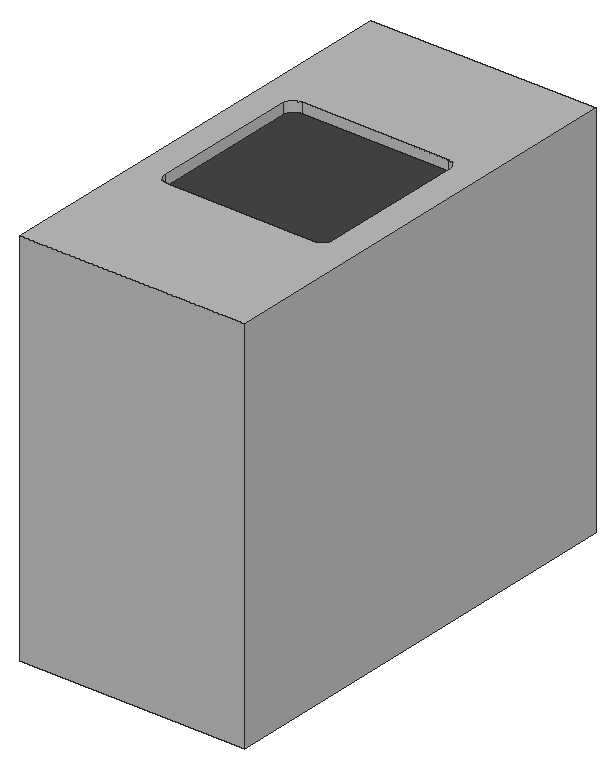
Revit family "Domotics-DomesticRanges-GEWISS-CHORUS_COMMAND-DIMMER_PUSH_BUTTON", category Apparecchi elettrici, host Superficie, Revit 2016
Family settings
  Host = Superficie
  Mantenere orientamento annotazione = Sì
  Tipo di parte = Normale
  Quota connettore circolare = Usa diametro
  Taglio con vuoti quando caricato = Sì
  Condiviso = Sì
  Punto di calcolo locali = Sì
Parameters (values of type "GW14574 - Electronic regulator air mover 230V 55-80VA Titanium")
  Volt = 230 V
  Vista in pianta [instance] = yes
  Version file RFA = "19.0"
  URL = "https://www.gewiss.com/ww/en"
  Tipo_ = CHORUS DIMMER PULSANTE_GENERICO : GW14574 Regolatore elettronico agitatore aria 230V 55-80VA titanio
  Tipo simbolo = PULSANTI : DIMMMANOP
  Technical sheet = "https://www.gewiss.com/ww/en/search?q=GW14574"
  Supply voltage = "230V ac - 50 Hz"
  Simbolo [instance] = yes
  SEO = "Dimmer"
  Resistive load 230V ac = ""
  Resistive load = ""
  Realized by GEWISS S.p.A. = ""
  Default Elevation = 1219.2 mm
  Produttore = "GEWISS S.p.A."
  Offset presa [instance] = 0 mm
  Offset bidimensionale [instance] = 41 mm
  No. Chorus modules: = "1"
  No. Chorus modules = "1"
  N. poli = 1
  Modello = "GW14574"
  Load type = "Air agitators"
  Load 230V ac = "55-80 VA"
  Inductive load 230V ac = ""
  Inductive load = ""
  Immagine tipo = GW14568.jpg
  IFC.TypeObject = ""
  IFC.ExportType = ""
  IFC.ExportAs = ""
  IDT = "a6fbcf2a-2fdb-4c97-974f-833a3f949291"
  IDF = "b0176bc3-d912-4049-8e7a-778e5a49908c"
  Electrocod = "0130"
  EAN code = "8011564268012"
  Distanza_x [instance] = 0 mm
  Distanza_effettiva_y [instance] = 100 mm
  Distanza_effettiva_x [instance] = 1000 mm - Distanza_x  # 1000 mm
  Distanza orizzontale del simbolo [instance] = 101.351 mm
  Distanza dal muro [instance] = 4.208 mm
  Descrizione = "ELEC.REGUL.AIR STIRR. 230V 55-80VA CH/TI"
  Description. = "Push-button dimmer"
  Control = "Push-button"
  Command = "Push-button"
  Colour = "Titanium"
  Catalogue Range = "CHORUS - DOMESTIC RANGE"
  Catalogue = "DOMOTICS"
  Carico apparente = 0 VA
  COBie.Tagnumber = ""
  COBie.CreatedOn = ""
  COBie.CreatebBy = ""
  COBie.ComponentRegisterItemID = ""
  COBie.Component.TagNumber = ""
  COBie.Component.Space = ""
  COBie.Component.SerialNumber = ""
  COBie.Component.InstallationDate = ""
  COBie.Component.Description = ""
  COBie.Component.BarCode = ""
Types (9, lengths in mm): name | Tipo_ | Technical sheet | Supply voltage | SEO | Resistive load 230V ac | Resistive load | No. Chorus modules: | No. Chorus modules | Modello | Load type | Load 230V ac | Inductive load 230V ac | Inductive load | Immagine tipo | IDT | Electrocod | EAN code | Descrizione | Description. | Control | Command | Colour
  GW10568 - Electronic regulator with push-button 1M 60-500W White | CHORUS DIMMER PULSANTE_GENERICO : GW10568 Regolatore elettronico a pulsante 1M 60-500W bianco | "https://www.gewiss.com/ww/en/search?q=GW10568" | "230V ac - 50 Hz" | "Dimmer" | "60 - 500 W" | "60 - 500 W" | "1" | "1" | "GW10568" | "Resistive/Inductive" | "" | "60 - 500 VA" | "60 - 500 VA" | GW10568.jpg | "7774b6e4-acf9-4298-a9b5-5dd6fe33dd1f" | "0781" | "8011564261105" | "PUSH-BUTTON ELEC REGULATOR 1M 60-500W W" | "Push-button dimmer" | "Push-button" | "Push-button" | "White"
  GW10571 - ELEC. PUSHBUTTON REGULATOR 1M WHITE | CHORUS DIMMER PULSANTE_GENERICO : GW10571 Regolatore elettronico a pulsante 1M 40-300W bianco | "https://www.gewiss.com/ww/en/search?q=GW10571" | "" | "" | "" | "" | "" | "" | "GW10571" | "" | "" | "" | "" | GW10568.jpg | "48d5bfb8-74e0-4ffd-b5fb-9d5b8478df43" | "0781                " | "8011564895126" | "ELEC. PUSHBUTTON REGULATOR 1M WHITE" | "" | "" | "" | ""
  GW10574 - Electronic regulator air mover 230V 55-80VA White | CHORUS DIMMER PULSANTE_GENERICO : GW10574 Regolatore elettronico agitatore aria 230V 55-80VA bianco | "https://www.gewiss.com/ww/en/search?q=GW10574" | "230V ac - 50 Hz" | "Dimmer" | "" | "" | "1" | "1" | "GW10574" | "Air agitators" | "55-80 VA" | "" | "" | GW10568.jpg | "d5cf5b1a-2c4a-4a15-b295-148f6fd7678b" | "0130" | "8011564261112" | "ELEC.REGUL. AIR AGIT. 230V 55-80VA CH/WH" | "Push-button dimmer" | "Push-button" | "Push-button" | "White"
  GW12568 - Electronic regulator with push-button 1M 60-500W Black | CHORUS DIMMER PULSANTE_GENERICO : GW12568 Regolatore elettronico a pulsante 1M 60-500W nero | "https://www.gewiss.com/ww/en/search?q=GW12568" | "230V ac - 50 Hz" | "Dimmer" | "60 - 500 W" | "60 - 500 W" | "1" | "1" | "GW12568" | "Resistive/Inductive" | "" | "60 - 500 VA" | "60 - 500 VA" | GW12568.jpg | "5ba279e9-be9d-45a2-9bbb-2b87555b678f" | "0141" | "8011564268302" | "PUSH-BUTTON ELEC REGULATOR 1M 60-500W B" | "Push-button dimmer" | "Push-button" | "Push-button" | "Black"
  GW12571 - ELEC. PUSHBUTTON REGULATOR 1M BLACK | CHORUS DIMMER PULSANTE_GENERICO : GW12571 Regolatore elettronico a pulsante 1M 40-300W nero | "https://www.gewiss.com/ww/en/search?q=GW12571" | "" | "" | "" | "" | "" | "" | "GW12571" | "" | "" | "" | "" | GW12568.jpg | "b52de772-a5a3-4fe2-bce2-931b967b857e" | "0141                " | "8011564895140" | "ELEC. PUSHBUTTON REGULATOR 1M BLACK" | "" | "" | "" | ""
  GW12574 - Electronic regulator air mover 230V 55-80VA Black | CHORUS DIMMER PULSANTE_GENERICO : GW12574 Regolatore elettronico agitatore aria 230V 55-80VA nero | "https://www.gewiss.com/ww/en/search?q=GW12574" | "230V ac - 50 Hz" | "Dimmer" | "" | "" | "1" | "1" | "GW12574" | "Air agitators" | "55-80 VA" | "" | "" | GW12568.jpg | "439b1f98-2d29-422b-b3b4-7c37fbc40e00" | "0130" | "8011564268326" | "ELEC.REGUL.AIR STIRR. 230V 55-80VA CH/BK" | "Push-button dimmer" | "Push-button" | "Push-button" | "Black"
  GW14568 - Electronic regulator with push-button 1M 60-500W Titanium | CHORUS DIMMER PULSANTE_GENERICO : GW14568 Regolatore elettronico a pulsante 1M 60-500W titanio | "https://www.gewiss.com/ww/en/search?q=GW14568" | "230V ac - 50 Hz" | "Dimmer" | "60 - 500 W" | "60 - 500 W" | "1" | "1" | "GW14568" | "Resistive/Inductive" | "" | "60 - 500 VA" | "60 - 500 VA" | GW14568.jpg | "d69ddec5-4507-4c7f-a375-6297b810aaf8" | "0141" | "8011564267992" | "PUSH-BUTTON ELEC REGULATOR, 1M 60-500W T" | "Push-button dimmer" | "Push-button" | "Push-button" | "Titanium"
  GW14571 - ELEC. PUSHBUTTON REGULATOR 1M TITANIUM | CHORUS DIMMER PULSANTE_GENERICO : GW14571 Regolatore elettronico a pulsante 1M 40-300W titanio | "https://www.gewiss.com/ww/en/search?q=GW14571" | "" | "" | "" | "" | "" | "" | "GW14571" | "" | "" | "" | "" | GW14568.jpg | "44660b2d-7e58-4f5a-867e-0cfb89add3d7" | "0141                " | "8011564895157" | "ELEC. PUSHBUTTON REGULATOR 1M TITANIUM" | "" | "" | "" | ""
  GW14574 - Electronic regulator air mover 230V 55-80VA Titanium | CHORUS DIMMER PULSANTE_GENERICO : GW14574 Regolatore elettronico agitatore aria 230V 55-80VA titanio | "https://www.gewiss.com/ww/en/search?q=GW14574" | "230V ac - 50 Hz" | "Dimmer" | "" | "" | "1" | "1" | "GW14574" | "Air agitators" | "55-80 VA" | "" | "" | GW14568.jpg | "a6fbcf2a-2fdb-4c97-974f-833a3f949291" | "0130" | "8011564268012" | "ELEC.REGUL.AIR STIRR. 230V 55-80VA CH/TI" | "Push-button dimmer" | "Push-button" | "Push-button" | "Titanium"
Reference planes
  plane 1 "Centro (Fronte/Retro)": y = 0
  plane 2: z = 0
  plane 3 "Centro (Sinistra/Destra)": x = 0
  plane 4: x = -1000
  plane 5: x = 0
  plane 6: y = 100
  plane 7: z = 0
  plane 8: z = 41
  plane 9: z = 39
Lines and regions (mm)
  Masking region 1, visible <- "Vista in pianta"
    outline origin (0, 0, 0) x (1, 0, 0) y (0, 1, 0)
      loop
        line (-11.5, 22.5) -> (-11.5, -22.5) -> (11.5, -22.5) -> (11.5, 22.5) -> (-11.5, 22.5)
      loop
        line (5.891, -21.124) -> (8.591, -21.124) -> (8.591, -10.071) -> (5.891, -10.071) -> (5.891, -21.124)
      loop
        arc (7.524, -8.598) -> (8.279, -8.285) -> (8.592, -7.529) r 1.068
        line (8.592, -7.529) -> (8.592, 7.525)
        arc (8.592, 7.525) -> (8.28, 8.278) -> (7.527, 8.59) r 1.065
        line (7.527, 8.59) -> (-7.525, 8.59)
        arc (-7.525, 8.59) -> (-8.277, 8.279) -> (-8.588, 7.527) r 1.064
        line (-8.588, 7.527) -> (-8.588, -7.54)
        arc (-8.588, -7.54) -> (-8.292, -8.274) -> (-7.569, -8.598) r 1.058
        line (-7.569, -8.598) -> (7.524, -8.598)
      loop
        line (3.156, 10.591) -> (11.135, 10.591) -> (11.135, 14.694) -> (3.156, 10.591)
  Masking region 2, visible <- "Vista in pianta"
    outline origin (0, 0, 0) x (1, 0, 0) y (0, 0, 1)
      loop
        line (11.5, 0) -> (11.5, 39) -> (-11.5, 39) -> (-11.5, 0) -> (11.5, 0)
  Masking region 3, visible <- "Vista in pianta"
    outline origin (0, 0, 0) x (0, 1, 0) y (0, 0, 1)
      loop
        line (22.5, 0) -> (22.5, 39) -> (-22.5, 39) -> (-22.5, 0) -> (22.5, 0)
Dimensions and locks
  plane 4 to plane 3 "Centro (Sinistra/Destra)" = 1000 mm
  "Distanza_effettiva_x": plane 4 to plane 5
  "Distanza_effettiva_y": plane 6 to plane 1 "Centro (Fronte/Retro)"
  "Offset presa": plane 7 to host face
  plane 8 to plane 9 = 2 mm
  locked: plane 9 to plane 7 at 39
  aligned and locked: plane 2 to host face
  aligned and locked: level to host face
  aligned and locked: plane 5 to nested 1
  aligned and locked: nested 1 to plane 6
  aligned and locked: plane 3 "Centro (Sinistra/Destra)" to nested 2
  aligned and locked: plane 1 "Centro (Fronte/Retro)" to nested 2
  aligned and locked: nested 2 to plane 7
  aligned and locked: import instance to plane 8
  aligned and locked: nested 2 to plane 9  (x2)
  aligned and locked: Masking region 2 sketch curve to nested 2  (x2)
  aligned and locked: Masking region 2 to plane 7
  aligned and locked: plane 7 to nested 2
  aligned and locked: Masking region 2 to plane 9
  aligned and locked: Masking region 3 sketch curve to nested 2  (x2)
  aligned and locked: plane 7 to Masking region 3 sketch curve
  aligned and locked: plane 9 to Masking region 3 sketch curve
Automatic sketch dimensions
  host sketch curve to host sketch curve = 2438.4 mm  (x2)
  Masking region 1 sketch curve to plane 3 "Centro (Sinistra/Destra)" = 11.5 mm
  Masking region 1 sketch curve to plane 1 "Centro (Fronte/Retro)" = 22.5 mm
  plane 1 "Centro (Fronte/Retro)" to Masking region 1 sketch curve = 22.5 mm
  Masking region 1 sketch curve to Masking region 1 sketch curve = 5.609 mm
  Masking region 1 sketch curve to Masking region 1 sketch curve = 1.376 mm
  Masking region 1 sketch curve to Masking region 1 sketch curve = 2.7 mm
  plane 1 "Centro (Fronte/Retro)" to Masking region 1 sketch curve = 10.071 mm
  Masking region 1 sketch curve to plane 3 "Centro (Sinistra/Destra)" = 7.569 mm
  Masking region 1 sketch curve to Masking region 1 sketch curve = 0.04 mm
  plane 1 "Centro (Fronte/Retro)" to Masking region 1 sketch curve = 8.598 mm
  Masking region 1 sketch curve to Masking region 1 sketch curve = 1.058 mm
  Masking region 1 sketch curve to Masking region 1 sketch curve = 1.067 mm
  Masking region 1 sketch curve to plane 1 "Centro (Fronte/Retro)" = 7.527 mm
  Masking region 1 sketch curve to Masking region 1 sketch curve = 1.064 mm
  plane 3 "Centro (Sinistra/Destra)" to Masking region 1 sketch curve = 7.527 mm
  Masking region 1 sketch curve to Masking region 1 sketch curve = 1.065 mm
  Masking region 1 sketch curve to Masking region 1 sketch curve = 1.068 mm
  Masking region 1 sketch curve to Masking region 1 sketch curve = 2.543 mm
  Masking region 1 sketch curve to Masking region 1 sketch curve = 3.066 mm
  plane 3 "Centro (Sinistra/Destra)" to Masking region 1 sketch curve = 3.156 mm
  Masking region 1 sketch curve to Masking region 1 sketch curve = 4.103 mm
  Masking region 2 sketch curve to plane 7 = 0 mm
  Masking region 2 sketch curve to plane 9 = 0 mm
Nested families
  nested 1: "PULSANTI" at (0, 100, 0), Distanza dal muro <- "Distanza dal muro", SIMBOLO <- "Simbolo", type <- "Tipo simbolo", visible <- "Simbolo", type "DIMMMANOP"
    with TESTO ELETTRICO "", SIMBOLO yes, Distanza dal muro 4.208 mm, BORDO ACCESO yes
  nested 2: "CHORUS DIMMER PULSANTE_GENERICO" at (0, 0, 0), type <- "Tipo_", type "GW14574 Regolatore elettronico agitatore aria 230V 55-80VA titanio", detail levels medium+fine
Connectors
  electrical at (0, 0, 0), driven by "N. poli", driven by "Volt", driven by "Carico apparente"
    settings: on nested 2, index 1, voltage 230 V, apparent load 0 VA, apparent load phase1 0 VA, apparent load phase2 0 VA, apparent load phase3 0 VA, power factor 1, load classification "Altro", number of poles 1, system type 31, power factor state 1, is connector primary yes, connector utility no, sub classification motor no, connector description ""
Definition of nested family "CHORUS DIMMER PULSANTE_GENERICO"
  Parameters (values of type "GW14568 Regolatore elettronico a pulsante 1M 60-500W titanio")
    Profondità presa = 39 mm
    Lunghezza = 23 mm  # constant formula
    Larghezza = 45 mm  # constant formula
    Finitura parte centrale = none
    Finitura Dimmer = none
    Altezza da Terra = 750 mm
  Types (9): name
    GW10568 Regolatore elettronico a pulsante 1M 60-500W bianco
    GW10571 Regolatore elettronico a pulsante 1M 40-300W bianco
    GW10574 Regolatore elettronico agitatore aria 230V 55-80VA bianco
    GW12568 Regolatore elettronico a pulsante 1M 60-500W nero
    GW12571 Regolatore elettronico a pulsante 1M 40-300W nero
    GW12574 Regolatore elettronico agitatore aria 230V 55-80VA nero
    GW14568 Regolatore elettronico a pulsante 1M 60-500W titanio
    GW14571 Regolatore elettronico a pulsante 1M 40-300W titanio
    GW14574 Regolatore elettronico agitatore aria 230V 55-80VA titanio
  Reference planes
    plane 1 "Centro (Fronte/Retro)": y = 0
    plane 2: z = 0
    plane 3 "Centro (Sinistra/Destra)": x = 0
    plane 4 "a": z = 39
    plane 5: x = -11.5
    plane 6: x = 11.5
    plane 7: y = 22.5
    plane 8: y = -22.5
    plane 9: z = 38
  Forms (mm)
    Extrusion 1, solid, material <- "Finitura Dimmer"
      sketch origin (-37.942, -794.839, 39) x (1, 0, 0) y (0, 1, 0)
        loop
          line (26.442, 817.339) -> (26.442, 772.339) -> (49.442, 772.339) -> (49.442, 817.339) -> (26.442, 817.339)
        loop
          arc (29.354, 787.299) -> (29.65, 786.565) -> (30.373, 786.241) r 1.058
          line (30.373, 786.241) -> (45.466, 786.241)
          arc (45.466, 786.241) -> (46.222, 786.554) -> (46.534, 787.309) r 1.068
          line (46.534, 787.309) -> (46.534, 802.364)
          arc (46.534, 802.364) -> (46.222, 803.117) -> (45.469, 803.429) r 1.065
          line (45.469, 803.429) -> (30.418, 803.429)
          arc (30.418, 803.429) -> (29.666, 803.118) -> (29.354, 802.366) r 1.064
          line (29.354, 802.366) -> (29.354, 787.299)
      from 0 to -39
    Extrusion 2, solid, material <- "Finitura parte centrale"
      sketch origin (0, 0, 0) x (1, 0, 0) y (0, 1, 0)
        loop
          arc (-8.588, -7.54) -> (-8.292, -8.274) -> (-7.569, -8.598) r 1.058
          line (-7.569, -8.598) -> (7.524, -8.598)
          arc (7.524, -8.598) -> (8.279, -8.285) -> (8.592, -7.529) r 1.068
          line (8.592, -7.529) -> (8.592, 7.525)
          arc (8.592, 7.525) -> (8.28, 8.278) -> (7.527, 8.59) r 1.065
          line (7.527, 8.59) -> (-7.525, 8.59)
          arc (-7.525, 8.59) -> (-8.277, 8.279) -> (-8.588, 7.527) r 1.064
          line (-8.588, 7.527) -> (-8.588, -7.54)
      from 0 to 38
  Lines and regions (mm)
    model lines
      curve 1: line (8.591, -10.071, 39) -> (8.591, -21.124, 39)
      curve 2: line (8.591, -21.124, 39) -> (5.891, -21.124, 39)
      curve 3: line (5.891, -21.124, 39) -> (5.891, -10.071, 39)
      curve 4: line (5.891, -10.071, 39) -> (8.591, -10.071, 39)
      curve 5: line (3.156, 10.591, 39) -> (11.135, 10.591, 39)
      curve 6: line (11.135, 10.591, 39) -> (11.135, 14.694, 39)
      curve 7: line (11.135, 14.694, 39) -> (3.156, 10.591, 39)
  Dimensions and locks
    "Profondità presa": plane 4 "a" to level
    equal spacing: plane 8, plane 1 "Centro (Fronte/Retro)", plane 7
    equal spacing: plane 5, plane 3 "Centro (Sinistra/Destra)", plane 6
    "Larghezza": plane 8 to plane 7
    "Lunghezza": plane 5 to plane 6
    plane 4 "a" to plane 9 = 1 mm
    aligned and locked: level to plane 2
    aligned and locked: Extrusion 1 to level
    aligned and locked: Extrusion 1 to plane 7
    aligned and locked: plane 5 to Extrusion 1
    aligned and locked: plane 8 to Extrusion 1
    aligned and locked: Extrusion 1 to plane 6
    aligned and locked: plane 9 to Extrusion 2
  Automatic sketch dimensions
    Extrusion 1 sketch curve to plane 3 "Centro (Sinistra/Destra)" = 11.5 mm
    plane 3 "Centro (Sinistra/Destra)" to Extrusion 1 sketch curve = 11.5 mm
    plane 1 "Centro (Fronte/Retro)" to Extrusion 1 sketch curve = 22.5 mm
    Extrusion 1 sketch curve to plane 1 "Centro (Fronte/Retro)" = 22.5 mm
    Extrusion 1 sketch curve to plane 5 = 2.912 mm
    Extrusion 1 sketch curve to Extrusion 1 sketch curve = 1.064 mm
    Extrusion 1 sketch curve to plane 1 "Centro (Fronte/Retro)" = 7.527 mm
    plane 1 "Centro (Fronte/Retro)" to Extrusion 1 sketch curve = 7.54 mm
    plane 6 to Extrusion 1 sketch curve = 3.973 mm
    Extrusion 1 sketch curve to Extrusion 1 sketch curve = 1.065 mm
    plane 1 "Centro (Fronte/Retro)" to Extrusion 1 sketch curve = 7.529 mm
    Extrusion 1 sketch curve to Extrusion 1 sketch curve = 1.068 mm
    Extrusion 1 sketch curve to Extrusion 1 sketch curve = 1.019 mm
    Extrusion 2 sketch curve to plane 5 = 2.912 mm
    Extrusion 2 sketch curve to Extrusion 2 sketch curve = 1.064 mm
    plane 6 to Extrusion 2 sketch curve = 3.976 mm
    plane 6 to Extrusion 2 sketch curve = 3.973 mm
    Extrusion 2 sketch curve to Extrusion 2 sketch curve = 1.068 mm
    plane 1 "Centro (Fronte/Retro)" to Extrusion 2 sketch curve = 8.598 mm
    Extrusion 2 sketch curve to plane 1 "Centro (Fronte/Retro)" = 7.525 mm
    Extrusion 2 sketch curve to Extrusion 2 sketch curve = 1.019 mm
    Extrusion 2 sketch curve to Extrusion 2 sketch curve = 1.058 mm
    plane 7 to curve 7 = 7.806 mm
    plane 3 "Centro (Sinistra/Destra)" to curve 7 = 3.156 mm
    curve 6 to curve 7 = 4.103 mm
    plane 6 to curve 6 = 0.365 mm
    plane 6 to curve 4 = 2.909 mm
    plane 1 "Centro (Fronte/Retro)" to curve 4 = 10.071 mm
    curve 2 to plane 8 = 1.376 mm
    curve 3 to curve 1 = 2.7 mm
Definition of nested family "PULSANTI"
  Parameters (values of type "DIMMMANOP")
    TESTO ELETTRICO [instance] = ""
    Simbolo = PULSANTI_BASE : DIMMMANOP
    SIMBOLO [instance] = yes
    Distanza dal muro [instance] = 4.208 mm
    BORDO ACCESO [instance] = yes
  Types (11, lengths in mm): name | TESTO ELETTRICO | Simbolo
    PULSANTE | "" | PULSANTI_BASE : PULSANTE
    PULSTIRANTE | "" | PULSANTI_BASE : PULSTIRANTE
    PULSCHIAVE | "" | PULSANTI_BASE : PULSCHIAVE
    TARGA | "" | PULSANTI_BASE : TARGA
    RRNC | "A" | PULSANTI_BASE : RRNC
    MARNO | "M" | PULSANTI_BASE : MARNO
    LUM | "" | PULSANTI_BASE : LUM
    DOPPIO | "" | PULSANTI_BASE : DOPPIO
    DIMMPULS | "" | PULSANTI_BASE : DIMMPULS
    DIMMMANOP | "" | PULSANTI_BASE : DIMMMANOP
    DIMMMANOPDEV | "" | PULSANTI_BASE : DIMMMANOPDEV
  Reference planes
    plane 1: y = 0
    plane 2: x = 0
  Lines and regions (mm)
    detail lines, visible <- "BORDO ACCESO", not visible
      curve 1: line (-2.25, 0.412, 0) -> (2.25, 0.412, 0)
      curve 2: line (2.25, 0.412, 0) -> (2.25, -5.588, 0)
      curve 3: line (2.25, -5.588, 0) -> (-2.25, -5.588, 0)
      curve 4: line (-2.25, -5.588, 0) -> (-2.25, 0.412, 0)
      curve 30: line (-1.85, 0.012, 0) -> (1.85, 0.012, 0)
      curve 31: line (1.85, 0.012, 0) -> (1.85, -5.188, 0)
      curve 32: line (1.85, -5.188, 0) -> (-1.85, -5.188, 0)
      curve 33: line (-1.85, -5.188, 0) -> (-1.85, 0.012, 0)
      curve 34: line (-2.25, 6, 0) -> (2.25, 6, 0)
      curve 35: line (2.25, 6, 0) -> (2.25, 0, 0)
      curve 36: line (2.25, 0, 0) -> (-2.25, 0, 0)
      curve 37: line (-2.25, 0, 0) -> (-2.25, 6, 0)
      curve 61: line (-1.85, 5.6, 0) -> (1.85, 5.6, 0)
      curve 62: line (1.85, 5.6, 0) -> (1.85, 0.4, 0)
      curve 63: line (1.85, 0.4, 0) -> (-1.85, 0.4, 0)
      curve 64: line (-1.85, 0.4, 0) -> (-1.85, 5.6, 0)
      curve 65: line (-2.443, 10.208, 0) -> (2.057, 10.208, 0)
      curve 66: line (2.057, 10.208, 0) -> (2.057, 4.208, 0)
      curve 67: line (2.057, 4.208, 0) -> (-2.443, 4.208, 0)
      curve 68: line (-2.443, 4.208, 0) -> (-2.443, 10.208, 0)
      curve 69: line (-2.043, 9.808, 0) -> (1.657, 9.808, 0)
      curve 70: line (1.657, 9.808, 0) -> (1.657, 4.608, 0)
      curve 71: line (1.657, 4.608, 0) -> (-2.043, 4.608, 0)
      curve 72: line (-2.043, 4.608, 0) -> (-2.043, 9.808, 0)
    detail lines, not visible
      curve 5: line (-9.473, -5.588, 0) -> (10.527, -5.588, 0)
      curve 6: circle (-0.56, -0.487, 0) r 0.969 normal (0, 0, 1)
      curve 7: line (-0.005, 0.306, 0) -> (0.852, 1.529, 0)
      curve 8: line (0.852, 1.529, 0) -> (1.529, 1.047, 0)
      curve 9: circle (-0.56, -315.487, 0) r 0.969 normal (0, 0, 1)
      curve 10: line (-0.005, -314.694, 0) -> (0.852, -313.471, 0)
      curve 11: line (0.852, -313.471, 0) -> (1.529, -313.953, 0)
      curve 12: line (-1.245, -314.803, 0) -> (0.124, -316.172, 0)
      curve 13: line (0.124, -314.803, 0) -> (-1.245, -316.172, 0)
      curve 14: circle (-0.56, -480.487, 0) r 0.969 normal (0, 0, 1)
      curve 15: line (-0.005, -479.694, 0) -> (0.852, -478.471, 0)
      curve 16: line (0.852, -478.471, 0) -> (1.529, -478.953, 0)
      curve 17: line (0.493, -478.983, 0) -> (1.167, -479.462, 0)
      curve 18: circle (-0.56, -880.487, 0) r 0.969 normal (0, 0, 1)
      curve 19: line (-0.005, -879.694, 0) -> (0.852, -878.471, 0)
      curve 20: line (0.852, -878.471, 0) -> (1.529, -878.953, 0)
      curve 21: line (-1.245, -879.803, 0) -> (0.124, -881.172, 0)
      curve 22: line (0.124, -879.803, 0) -> (-1.245, -881.172, 0)
      curve 23: line (0.493, -878.983, 0) -> (1.167, -879.462, 0)
      curve 24: circle (-0.56, -365.487, 0) r 0.969 normal (0, 0, 1)
      curve 25: line (-0.005, -364.694, 0) -> (0.852, -363.471, 0)
      curve 26: line (0.852, -363.471, 0) -> (1.529, -363.953, 0)
      curve 27: line (-0.56, -364.925, 0) -> (-0.56, -366.05, 0)
      curve 28: line (0.493, -363.983, 0) -> (1.167, -364.462, 0)
      curve 29: line (0, 3.621, 0) -> (0, -16.379, 0)
      curve 38: circle (-0.56, 2.417, 0) r 0.969 normal (0, 0, 1)
      curve 39: line (-0.005, 3.21, 0) -> (0.852, 4.433, 0)
      curve 40: line (0.852, 4.433, 0) -> (1.529, 3.951, 0)
      curve 41: circle (-0.56, 2.417, 0) r 0.969 normal (0, 0, 1)
      curve 42: line (-0.005, 3.21, 0) -> (0.852, 4.433, 0)
      curve 43: line (0.852, 4.433, 0) -> (1.529, 3.951, 0)
      curve 44: line (-1.245, 3.102, 0) -> (0.124, 1.732, 0)
      curve 45: line (0.124, 3.102, 0) -> (-1.245, 1.732, 0)
      curve 46: circle (-0.56, 2.417, 0) r 0.969 normal (0, 0, 1)
      curve 47: line (-0.005, 3.21, 0) -> (0.852, 4.433, 0)
      curve 48: line (0.852, 4.433, 0) -> (1.529, 3.951, 0)
      curve 49: circle (-0.56, 2.417, 0) r 0.969 normal (0, 0, 1)
      curve 50: line (-0.005, 3.21, 0) -> (0.852, 4.433, 0)
      curve 51: line (0.852, 4.433, 0) -> (1.529, 3.951, 0)
      curve 52: line (-1.245, 3.102, 0) -> (0.124, 1.732, 0)
      curve 53: line (0.124, 3.102, 0) -> (-1.245, 1.732, 0)
      curve 54: line (0.493, 3.921, 0) -> (1.167, 3.442, 0)
      curve 55: line (0.493, 3.921, 0) -> (1.167, 3.442, 0)
      curve 56: circle (-0.56, 2.417, 0) r 0.969 normal (0, 0, 1)
      curve 57: line (-0.005, 3.21, 0) -> (0.852, 4.433, 0)
      curve 58: line (0.852, 4.433, 0) -> (1.529, 3.951, 0)
      curve 59: line (-0.56, 2.979, 0) -> (-0.56, 1.854, 0)
      curve 60: line (0.493, 3.921, 0) -> (1.167, 3.442, 0)
      curve 73: line (-1.644, 2.848, 0) -> (1.644, 2.848, 0)
      curve 74: line (-1.644, 0.61, 0) -> (-1.644, 2.848, 0)
      curve 75: line (1.644, 0.61, 0) -> (-1.644, 0.61, 0)
      curve 76: line (1.644, 2.848, 0) -> (1.644, 0.61, 0)
      curve 77: line (-1.325, 0.987, 0) -> (1.325, 0.987, 0)
      curve 78: circle (0, 1.912, 0) r 0.5 normal (0, 0, 1)
      curve 79: circle (0, 1.912, 0) r 0.8 normal (0, 0, 1)
      curve 80: line (-1.325, 0.987, 0) -> (1.325, 0.987, 0)
      curve 81: line (-0.354, 2.265, 0) -> (0.354, 1.558, 0)
      curve 82: line (0.354, 2.265, 0) -> (-0.354, 1.558, 0)
  Dimensions and locks
    aligned and locked: curve 5 to curve 3
    aligned and locked: plane 2 to nested 1
    aligned and locked: plane 1 to nested 1
  Nested families
    nested 1: "PULSANTI_BASE" at (0, 0, 0), BORDO ACCESO <- "BORDO ACCESO", type <- "Simbolo", TESTO ELETTRICO <- "TESTO ELETTRICO", visible <- "SIMBOLO", type "DIMMMANOP"
      with TESTO ELETTRICO "", BORDO ACCESO yes
  Definition of nested family "PULSANTI_BASE"
    Parameters (values of type "DIMMMANOPDEV")
      TEXT = no
      TESTO ELETTRICO [instance] = ""
      TARGA = no
      PULSANTECHIAVE = no
      PULSTIRANTE = no
      PULSANTE = no
      LUM = no
      DOPPIO = no
      DIMMPULSINT = no
      DIMMPULS = no
      DIMMMANOPDEV = yes
      BORDO ACCESO [instance] = yes
    Types (11, lengths in mm): name | TEXT | TARGA | PULSANTECHIAVE | PULSTIRANTE | PULSANTE | LUM | DOPPIO | DIMMPULSINT | DIMMPULS | DIMMMANOPDEV
      PULSANTE | no | no | no | no | yes | no | no | no | no | no
      PULSTIRANTE | no | no | no | yes | yes | no | no | no | no | no
      PULSCHIAVE | no | no | yes | no | yes | no | no | no | no | no
      TARGA | no | yes | no | no | no | no | no | no | no | no
      RRNC | yes | no | no | no | yes | no | no | no | no | no
      MARNO | yes | no | no | no | yes | no | no | no | no | no
      LUM | no | no | no | no | no | yes | no | no | no | no
      DOPPIO | no | no | no | no | no | no | yes | no | no | no
      DIMMPULS | no | no | no | no | no | no | no | yes | yes | no
      DIMMMANOP | no | no | no | no | no | no | no | no | yes | no
      DIMMMANOPDEV | no | no | no | no | no | no | no | no | no | yes
    Reference planes
      plane 1: y = 0
      plane 2: x = 0
    Lines and regions (mm)
      detail lines, visible <- "PULSANTE"
        curve 1: circle (0, 1.258, 0) r 0.527 normal (0, 0, 1)
        curve 11: circle (0, 1.258, 0) r 0.394 normal (0, 0, 1)
      detail lines, visible <- "BORDO ACCESO", not visible
        curve 2: line (-1.943, 9.208, 0) -> (1.857, 9.208, 0)
        curve 3: line (1.857, 9.208, 0) -> (1.857, 4.208, 0)
        curve 4: line (1.857, 4.208, 0) -> (-1.943, 4.208, 0)
        curve 5: line (-1.943, 4.208, 0) -> (-1.943, 9.208, 0)
        curve 6: line (-1.743, 9.008, 0) -> (1.657, 9.008, 0)
        curve 7: line (1.657, 9.008, 0) -> (1.657, 4.408, 0)
        curve 8: line (1.657, 4.408, 0) -> (-1.743, 4.408, 0)
        curve 9: line (-1.743, 4.408, 0) -> (-1.743, 9.008, 0)
      detail lines, visible <- "PULSANTECHIAVE"
        curve 10: line (0, 1.49, 0) -> (0, 0.929, 0)
      detail lines, visible <- "PULSTIRANTE"
        curve 12: line (0, 0.732, 0) -> (0, 0.441, 0)
        curve 13: line (-0.162, 0.441, 0) -> (0.162, 0.441, 0)
        curve 14: line (-0.162, 0.441, 0) -> (0, 0.16, 0)
        curve 15: line (0, 0.16, 0) -> (0.162, 0.441, 0)
      detail lines, visible <- "TARGA"
        curve 16: line (-0.866, 1.843, 0) -> (0.866, 1.843, 0)
        curve 17: line (-0.866, 0.665, 0) -> (-0.866, 1.843, 0)
        curve 18: line (0.866, 0.665, 0) -> (-0.866, 0.665, 0)
        curve 19: line (0.866, 1.843, 0) -> (0.866, 0.665, 0)
        curve 20: line (-0.698, 0.863, 0) -> (-0.469, 0.863, 0)
        curve 21: circle (0, 1.35, 0) r 0.263 normal (0, 0, 1)
        curve 22: circle (0, 1.35, 0) r 0.421 normal (0, 0, 1)
        curve 23: line (-0.698, 0.863, 0) -> (-0.469, 0.863, 0)
        curve 24: line (-0.186, 1.536, 0) -> (0.186, 1.164, 0)
        curve 25: line (0.186, 1.536, 0) -> (-0.186, 1.164, 0)
      detail lines, visible <- "TARGA", not visible
        curve 26: line (-1.644, 2.848, 0) -> (1.644, 2.848, 0)
        curve 27: line (-1.644, 0.61, 0) -> (-1.644, 2.848, 0)
        curve 28: line (1.644, 0.61, 0) -> (-1.644, 0.61, 0)
        curve 29: line (1.644, 2.848, 0) -> (1.644, 0.61, 0)
        curve 30: line (-1.325, 0.987, 0) -> (1.325, 0.987, 0)
        curve 31: circle (0, 1.912, 0) r 0.5 normal (0, 0, 1)
        curve 32: circle (0, 1.912, 0) r 0.8 normal (0, 0, 1)
        curve 33: line (-1.325, 0.987, 0) -> (1.325, 0.987, 0)
        curve 34: line (-0.354, 2.265, 0) -> (0.354, 1.558, 0)
        curve 35: line (0.354, 2.265, 0) -> (-0.354, 1.558, 0)
        curve 59: line (-0.866, 3.093, 0) -> (0.866, 3.093, 0)
        curve 60: line (-0.866, 1.915, 0) -> (-0.866, 3.093, 0)
        curve 61: line (0.866, 1.915, 0) -> (-0.866, 1.915, 0)
        curve 62: line (0.866, 3.093, 0) -> (0.866, 1.915, 0)
        curve 63: line (-0.698, 2.113, 0) -> (0.698, 2.113, 0)
        curve 64: circle (0, 2.6, 0) r 0.263 normal (0, 0, 1)
        curve 65: circle (0, 2.6, 0) r 0.421 normal (0, 0, 1)
        curve 66: line (-0.698, 2.113, 0) -> (0.698, 2.113, 0)
        curve 67: line (-0.186, 2.786, 0) -> (0.186, 2.414, 0)
        curve 68: line (0.186, 2.786, 0) -> (-0.186, 2.414, 0)
      detail lines, visible <- "LUM"
        curve 36: circle (0, 1.258, 0) r 0.527 normal (0, 0, 1)
        curve 37: circle (0, 1.258, 0) r 0.394 normal (0, 0, 1)
        curve 38: line (0.279, 0.979, 0) -> (-0.279, 1.537, 0)
        curve 39: line (-0.279, 0.979, 0) -> (0.279, 1.537, 0)
      detail lines, visible <- "LUM", not visible
        curve 40: circle (0, -4.588, 0) r 1 normal (0, 0, 1)
        curve 41: circle (0, -4.588, 0) r 0.749 normal (0, 0, 1)
        curve 42: line (0.53, -5.117, 0) -> (-0.53, -4.058, 0)
        curve 43: line (-0.53, -5.117, 0) -> (0.53, -4.058, 0)
        curve 69: circle (0, 2.508, 0) r 0.527 normal (0, 0, 1)
        curve 70: circle (0, 2.508, 0) r 0.394 normal (0, 0, 1)
        curve 71: line (0.279, 2.229, 0) -> (-0.279, 2.787, 0)
        curve 72: line (-0.279, 2.229, 0) -> (0.279, 2.787, 0)
      detail lines, visible <- "DOPPIO"
        curve 44: circle (0, 1.785, 0) r 0.527 normal (0, 0, 1)
        curve 45: circle (0, 1.785, 0) r 0.394 normal (0, 0, 1)
        curve 46: circle (0, 0.732, 0) r 0.527 normal (0, 0, 1)
        curve 47: circle (0, 0.732, 0) r 0.394 normal (0, 0, 1)
      detail lines, visible <- "DOPPIO", not visible
        curve 48: circle (0, -6.992, 0) r 1 normal (0, 0, 1)
        curve 49: circle (0, -6.992, 0) r 0.749 normal (0, 0, 1)
        curve 50: circle (0, -8.992, 0) r 1 normal (0, 0, 1)
        curve 51: circle (0, -8.992, 0) r 0.749 normal (0, 0, 1)
        curve 73: circle (0, 3.035, 0) r 0.527 normal (0, 0, 1)
        curve 74: circle (0, 3.035, 0) r 0.394 normal (0, 0, 1)
        curve 75: circle (0, 1.982, 0) r 0.527 normal (0, 0, 1)
        curve 76: circle (0, 1.982, 0) r 0.394 normal (0, 0, 1)
      detail lines, visible <- "PULSANTE", not visible
        curve 52: circle (0, 2.508, 0) r 0.527 normal (0, 0, 1)
        curve 54: circle (0, 2.508, 0) r 0.394 normal (0, 0, 1)
      detail lines, visible <- "PULSANTECHIAVE", not visible
        curve 53: line (0, 2.809, 0) -> (0, 2.179, 0)
      detail lines, visible <- "PULSTIRANTE", not visible
        curve 55: line (0, 1.982, 0) -> (0, 1.691, 0)
        curve 56: line (-0.162, 1.691, 0) -> (0.162, 1.691, 0)
        curve 57: line (-0.162, 1.691, 0) -> (0, 1.41, 0)
        curve 58: line (0, 1.41, 0) -> (0.162, 1.691, 0)
      detail lines, visible <- "DIMMPULS"
        curve 77: circle (-0.18, 0.945, 0) r 0.4 normal (0, 0, 1)
        curve 79: line (-0.118, 1.411, 0) -> (0.479, 1.411, 0)
        curve 80: line (0.479, 1.411, 0) -> (0.479, 1.676, 0)
        curve 81: line (0.479, 1.676, 0) -> (-0.118, 1.411, 0)
        curve 82: line (0.095, 1.236, 0) -> (0.521, 1.843, 0)
      detail lines, visible <- "DIMMPULSINT"
        curve 78: circle (-0.18, 0.945, 0) r 0.3 normal (0, 0, 1)
      detail lines, visible <- "DIMMMANOPDEV"
        curve 83: circle (0.027, 1.185, 0) r 0.289 normal (0, 0, 1)
        curve 84: line (0.071, 1.522, 0) -> (0.502, 1.522, 0)
        curve 85: line (0.502, 1.522, 0) -> (0.502, 1.712, 0)
        curve 86: line (0.502, 1.712, 0) -> (0.071, 1.522, 0)
        curve 87: line (0.225, 1.395, 0) -> (0.519, 1.814, 0)
        curve 88: line (0.519, 1.814, 0) -> (0.814, 1.607, 0)
        curve 89: line (-0.088, 0.921, 0) -> (-0.357, 0.485, 0)
        curve 90: line (-0.357, 0.485, 0) -> (-0.664, 0.675, 0)
    Text (mm)
      label "TXT" at (0.016, 1.223, 0), shows "TESTO ELETTRICO", visible <- "TEXT"
      label "TXT" at (0.016, 2.473, 0), shows "TESTO ELETTRICO", visible <- "TEXT", not visible
